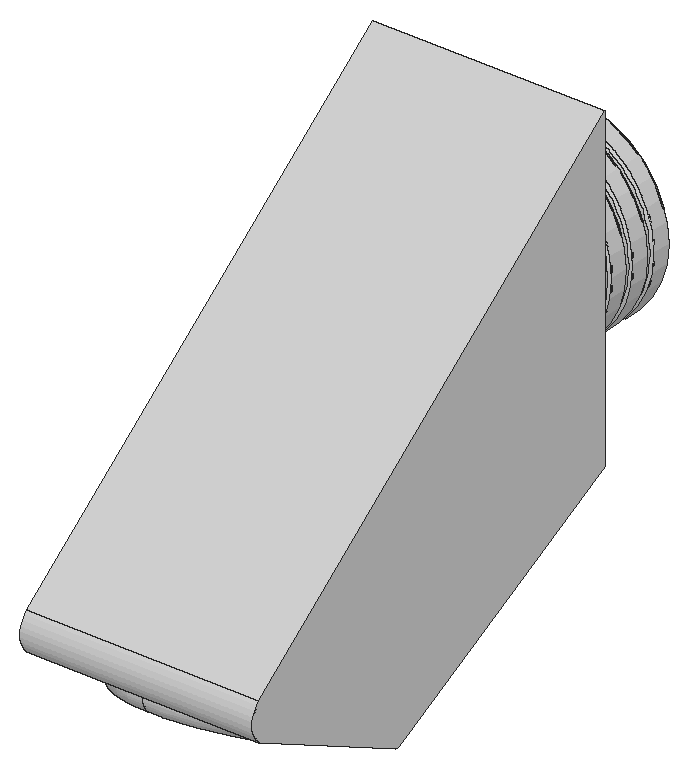
Revit family "29110-presto", category Plumbing Fixtures, Revit 2022
Family settings
  Round Connector Dimension = Use Diameter
  Part Type = Normal
  OmniClass Number = 23.45.00.00
  OmniClass Title = Sanitary, Laundry, and Cleaning Equipment
  Work Plane-Based = Yes
  Always vertical = Yes
  Cut with Voids When Loaded = No
  Maintain Annotation Orientation = No
  Shared = No
  Room Calculation Point = No
Parameters (values of type "29110-presto")
  ref = "29110 - FIXED SHOWER HEAD WITH DIRECTIONAL GRID"
  pressure = 5.00 bar
  min pressure = 1.00 bar
  material = stain
  flow = 3 L/min
  brand = "LES ROBINETS PRESTO"
  URL = "https://www.prestodatashare.com/espacedoc/Fiches_Techniques/GB/29110.pdf"
  Standards & approvals [instance] = "Brass body in accordance with EN 1982, EN 12164, EN 12156\r\nMolded chrome-plated body in accordance with EN 12540\r\n200-hour neutral salt spray resistant (NSS) in accordance with ISO 9227"
  Ref [instance] = "29110 - FIXED SHOWER HEAD WITH DIRECTIONAL GRID"
  Recommended pressure = 3.00 bar
  Range [instance] = "SHOWER HEAD"
  RANGE = "SHOWER HEAD"
  Model = "29110"
  Manufacturer = "presto"
  Function [instance] = "2 position directional grid: 17° or 25°"
  Flow [instance] = "Depending on model\r\nFlow limiter in option"
  Description = "FIXED SHOWER HEAD WITH DIRECTIONAL GRID"
  Delivered with [instance] = "Instruction manual"
  Default Elevation = 1219.2 mm
  > Thermal resistance : = 75.0000 (h·ft²·°F)/BTU
  - Hydraulic supply = 15.000"
Reference planes
  plane 1 "Center (Front/Back)": y = 0
  plane 2: z = 0
  plane 3 "Center (Left/Right)": x = 0
  plane 4: through (12192, -65.521, 1.879) normal (0, -0.4226, -0.9063)
  plane 5 "h": through (12192, -65.521, 1.879) normal (0, -0.4226, -0.9063)
Forms (mm)
  Extrusion 1, solid, material "stain" <- "material"
    sketch origin (-37.835, -11.933, 0) x (0, 1, 0) y (0, 0, 1)
      loop
        line (11.933, 36.028) -> (11.933, 115.221) -> (-95.572, 31.229)
        arc (-95.572, 31.229) -> (-97.741, 26.475) -> (-95.572, 21.72) r 6.295
        line (-95.572, 21.72) -> (-53.021, 1.879)
        arc (-53.021, 1.879) -> (-52.631, 1.805) -> (-52.246, 1.903) r 0.918
        line (-52.246, 1.903) -> (11.933, 36.028)
    from 8.608 to 66.303
  Revolve 2, solid, material "stain"
    sketch origin (0, -11.933, -2.5) x (0, 1, 0) y (0, 0, 1)
      loop
        line (12.145, 75.625) -> (37.574, 75.625) -> (37.574, 99.181) -> (36.933, 99.822) -> (32.522, 99.822) -> (31.881, 99.181) -> (31.003, 99.181) -> (30.362, 99.822) -> (25.951, 99.822) -> (25.31, 99.181) -> (24.408, 99.181) -> (23.768, 99.822) -> (19.356, 99.822) -> (18.716, 99.181) -> (17.837, 99.181) -> (17.197, 99.822) -> (12.785, 99.822) -> (12.145, 99.181) -> (12.145, 75.625)
      axis (37.574, 75.625) -> (12.145, 75.625)
    angle from 0 to 360
  Revolve 3, solid, material "stain"
    sketch origin (-2.835, -3.183, 1.875) x (0, 1, 0) y (0, 0, 1)
      loop
        arc (-101.159, 18.497) -> (-101.051, 15.848) -> (-99.584, 13.64) r 4.919
        line (-99.584, 13.64) -> (-84.554, 6.631) -> (-82.975, 10.017) -> (-101.159, 18.497)
      axis (-82.975, 10.017) -> (-84.554, 6.631)
    angle from 0 to 360
Lines and regions (mm)
  model lines
    curve 1: line (0, 25, 55) -> (0, 0, 55)
Dimensions and locks
  aligned and locked: level to plane 2
Connectors
  piping at (0, 25.641, 73.125), diameter 40
    settings: on Revolve 2, index 1, connector inside diameter 24", connector length 0 mm, flow factor 0, pipe flow 0 L/min, pressure drop 0.00 bar, fitting loss kfactor 0, connector angle 0.00°, fixture units 0, engagement length 0 mm, angle of deflection 0.00°, flow configuration 0, flow direction 0, fitting loss method 0, system type 7, joint type 0, gender type 0, connector reference index -1, connector utility 0, adjustable connector no, is connector primary yes, connector description ""
